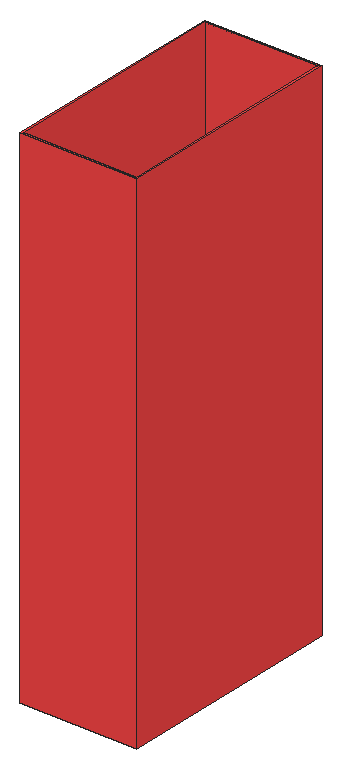
Revit family "SEQ_A3-15.1-Duct-Rectangular-Vert", category Mechanical Equipment, Revit 2016
Family settings
  Part Type = Undefined
  Round Connector Dimension = Use Diameter
  Work Plane-Based = No
  Always vertical = No
  Cut with Voids When Loaded = No
  Shared = No
  Room Calculation Point = No
Parameters (values of type "Rectangular Duct 16x8")
  WIDTH = 1' - 4"
  T.O. VERT DUCT - AFF [instance] = 6' - 0"
  LENGTH [instance] = 3' - 0"
  HEIGHT = 0' - 8"
  DUCT TYPE [instance] = 15.1-SUPPLY DUCT
Reference planes (in)
  plane 1 "Center F/B": y = 1.97217
  plane 2: z = 0
  plane 3 "Center L/R": x = -0.82032
  plane 4: y = 9.97217
  plane 5: y = -6.02783
  plane 6 "CENTER OF DUCT": z = 72
  plane 7: x = -4.82032
  plane 8: x = 3.17968
  plane 9: z = 36
Forms (in)
  Sweep 1, solid, material "15.1-SUPPLY DUCT" <- "DUCT TYPE"
    path origin (0, 1.97217, 0) x (1, 0, 0) y (0, 0, 1)
      loop
        line (-0.82032, 72) -> (-0.82032, 36)
    profile origin (0, 1.97217, 54) x (0, -1, 0) y (1, 0, 0)
      loop
        line (-8, -4.82032) -> (8, -4.82032) -> (8, 3.17968) -> (-8, 3.17968) -> (-8, -4.82032)
      loop
        line (-8.125, -4.94532) -> (8.125, -4.94532) -> (8.125, 3.30468) -> (-8.125, 3.30468) -> (-8.125, -4.94532)
Lines and regions (in)
  symbolic lines, style "InvisibleLines"
    curve 1: line (-0.82032, 0, 72) -> (-0.82032, 0, 0)
  symbolic lines, style "DUCT"
    curve 2: line (-4.82032, 9.97217, 0) -> (3.17968, 9.97217, 0)
    curve 3: line (-4.82032, -6.02783, 0) -> (-4.82032, 9.97217, 0)
    curve 4: line (3.17968, -6.02783, 0) -> (-4.82032, -6.02783, 0)
    curve 5: line (3.17968, 9.97217, 0) -> (3.17968, -6.02783, 0)
Dimensions and locks (in)
  equal spacing: plane 5, plane 1 "Center F/B", plane 4
  "T.O. VERT DUCT - AFF": plane 6 "CENTER OF DUCT" to plane 2
  "WIDTH": plane 5 to plane 4
  equal spacing: plane 7, plane 3 "Center L/R", plane 8
  "HEIGHT": plane 7 to plane 8
  "LENGTH": plane 6 "CENTER OF DUCT" to plane 9
  aligned and locked: plane 2 to curve 1
  aligned and locked: curve 3 to plane 7
  aligned and locked: plane 8 to curve 5
  aligned and locked: plane 4 to curve 2
  aligned and locked: curve 4 to plane 5
  aligned and locked: plane 6 "CENTER OF DUCT" to Sweep 1 sketch curve
  aligned and locked: Sweep 1 sketch curve to curve 1
  aligned and locked: plane 9 to Sweep 1 sketch curve
  aligned and locked: curve 3 to Sweep 1 sketch curve
  aligned and locked: Sweep 1 sketch curve to curve 2
  aligned and locked: Sweep 1 sketch curve to curve 4
  aligned and locked: Sweep 1 sketch curve to curve 5
Automatic sketch dimensions
  curve 1 to plane 3 "Center L/R" = 0' - 0"
  curve 1 to plane 6 "CENTER OF DUCT" = 0' - 0"
  Sweep 1 sketch curve to Sweep 1 sketch curve = 0' - 0 1/8"  (x4)
